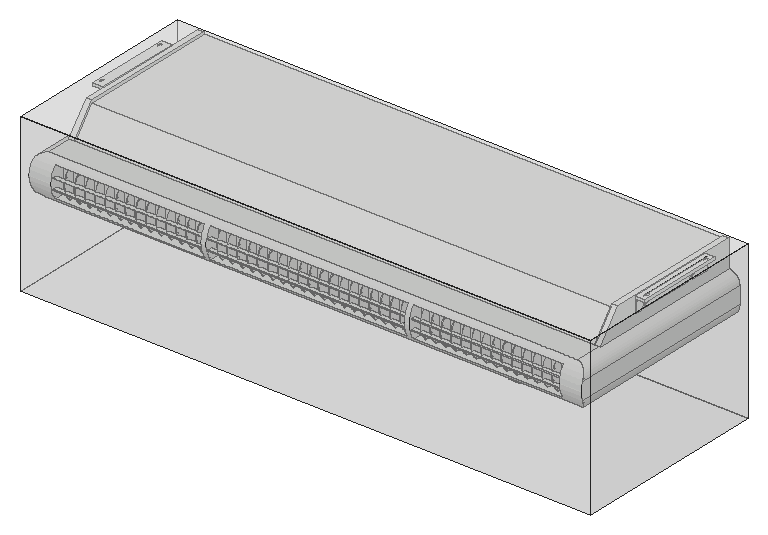
Revit family "outputfile", category 機械設備, Revit 2024
Family settings
  丸型コネクタ寸法 = 半径を使用
  パーツ タイプ = 標準
  OmniClass 番号 = 23.75.10.24.21.27.27
  OmniClass タイトル = Split System Air Conditioning Units
  作業面ベース = いいえ
  常に垂直 = はい
  ロード時にボイドで切り取り = いいえ
  注釈の向きを維持 = いいえ
  共有 = いいえ
  部屋計算ポイント = はい
Parameters (values of type "FHRN100AXVL")
  Description = ""
  製造元 = "Daikin"
  書き出し IFC クラス(タイプ) = "IfcUnitaryEquipmentType"
  定義済み IFC タイプ(タイプ) = "AIRCONDITIONINGUNIT"
  Cost = 0
  モデル = "FHRN100AXVL"
  Type Comments = ""
  Keynote = ""
  Type Image = (empty or 0)
  Assembly Code = ""
  switch_frequency = yes
  r_Liquid Pipe Size = Liquid Pipe Size / 2  # 4.75 mm
  r_Gas Pipe Size = Gas Pipe Size / 2  # 7.95 mm
  r_Drain Pipe Size = Drain Pipe Size / 2  # 9.55 mm
  l_powersupply [instance] = 30.0 mm  # constant formula
  h_mountinghole = 0.0 mm  # constant formula
  connector_voltage = 220 V
  connector_powerinput = [Power Input (Cooling)]  # 3.800 kW
  connector_phase = 1
  angle_vertical_powersupply [instance] = 90.00°  # constant formula
  angle_vertical_drainpipe [instance] = -90.00°  # constant formula
  angle_horizontal_powersupply [instance] = 180.00°  # constant formula
  angle_horizontal_drainpipe [instance] = 0.00°  # constant formula
  Voltage_comment_60Hz = "220"
  Voltage_60Hz = 220 V
  URL = ""
  Phase_60Hz = 1
  Minimum Circuit Amps_60Hz = 0.0 A
  Maximum Fuse Amps_60Hz = 0.0 A
  Material_Casing = DAIKIN_White_Casing_indoorunit
  lw_powersupply [instance] = 220.0 mm  # constant formula
  lw_mountinghole_pitch = 1880.0 mm  # constant formula
  lw_mountinghole = (Width - lw_mountinghole_pitch) / 2  # 11.5 mm
  lw_liquidpipe [instance] = 136.0 mm  # constant formula
  lw_gaspipe = 105.0 mm  # constant formula
  lw_drainpipe [instance] = 83.0 mm  # constant formula
  lh_powersupply = 195.0 mm  # constant formula
  lh_liquidpipe [instance] = 180.0 mm  # constant formula
  lh_gaspipe [instance] = 170.0 mm  # constant formula
  lh_drainpipe = 217.0 mm  # constant formula
  l_antena = h_mountinghole + 1.0 mm  # 1.0 mm
  ld_powersupply = 30.0 mm  # constant formula
  ld_mountinghole_pitch = 250.0 mm  # constant formula
  ld_mountinghole = 132.0 mm  # constant formula
  ld_liquidpipe [instance] = 221.0 mm  # constant formula
  ld_gaspipe [instance] = 214.0 mm  # constant formula
  ld_drainpipe [instance] = 268.0 mm  # constant formula
  l_liquidpipe_length [instance] = 221.0 mm  # constant formula
  l_gaspipe_length [instance] = 214.0 mm  # constant formula
  l_drainpipe_length [instance] = 268.0 mm  # constant formula
  h*** = 0.0 mm  # constant formula
  angle_vertical [instance] = -90.00°  # constant formula
  angle_horizontal [instance] = 0.00°  # constant formula
  Width = 1903.0 mm
  Version = "ver.1.0"
  Unit Type = "Ceiling"
  Unit Mass Weight = 52.00 kg
  Unit Designation [instance] = ""
  Uniclass2015Version = "Products v1.30"
  Uniclass2015Title = "Split coil room air conditioning units"
  Uniclass2015Code = "Pr_70_65_03_86"
  Total Cooling Capacity [instance] = 0.000 kW
  Sound Pressure Level_M speed (dBA) = 46
  Sound Pressure Level_L speed (dBA) = 43
  Sound Pressure Level_H speed (dBA) = 49
  Series = "SkyAir_Fan Coil Unit"
  Sensible Cooling Capacity [instance] = 0.000 kW
  Refrigerant Type = "R410A"
  Power Input (Cooling) = 3.800 kW
  Option Accessory 3 [instance] = ""
  Option Accessory 2 [instance] = ""
  Option Accessory 1 [instance] = ""
  Nominal Cooling Capacity = 10.260 kW
  Minimum Airflow = 1276.00 m³/h
  Median Airflow = 1697.00 m³/h
  Maximum Airflow = 1881.00 m³/h
  Load Classification = HVAC
  Liquid Pipe Size = 9.5 mm
  Link_Nested Family [instance] = ""
  IfcVersion = ""
  IfcExportType = "AIRCONDITIONINGUNIT"
  IfcExportAs = "IfcUnitaryEquipmentType"
  Height = 235.0 mm
  Heat Exchanger Type = "Cross Fin Coil"
  Gas Pipe Size = 15.9 mm
  Frequency_60Hz = 60 Hz
  Fan Type = "Sirocco Fan"
  Fan Drive = "-"
  FCU Tag No. [instance] = ""
  Drain Pipe Size = 19.1 mm
  Design Supply Airflow [instance] = 0.00 m³/h
  Design Outdoor Airflow [instance] = 0.00 m³/h
  Depth = 680.0 mm
  既定の高さ = 0.0 mm
  Cooling Entering Wet Bulb Temperature [instance] = 0.00 °C
  Cooling Entering Dry Bulb Temperature [instance] = 0.00 °C
  Cooling Ambient Wet Bulb Temperature [instance] = 0.00 °C
  Cooling Ambient Dry Bulb Temperature [instance] = 0.00 °C
  Clearance visibility [instance] = yes
  Clearance Top = 5.0 mm
  Clearance Right = 30.0 mm
  Clearance Rear = 0.0 mm
  Clearance Left = 30.0 mm
  Clearance Front = 0.0 mm
  Clearance Bottom = 300.0 mm
Reference planes
  plane 1 "Center (Front/Back)": y = 0
  plane 2: z = 0
  plane 3 "Center (Left/Right)": x = 0
  plane 4 "Back": y = 340
  plane 5 "Front": y = -340
  plane 6 "Left": x = -951.5
  plane 7 "Right": x = 951.5
  plane 8 "Top": z = 0
  plane 9 "Bottom": z = -235
  plane 10: y = -340
  plane 11: x = -981.5
  plane 12: x = 981.5
  plane 13: z = 5
  plane 14: z = -535
  plane 15: y = 340
  plane 16 "lw_mountinghole": x = -940
  plane 17 "lw_mountinghole2": x = 940
  plane 18 "ld_mountinghole": y = 208
  plane 19 "ld_mountinghole2": y = -42
  plane 20 "lw_gaspipe": x = 846.5
  plane 21 "ld_gaspipe": y = 126
  plane 22 "lh_gaspipe": z = -170
  plane 23 "lw_liquidpipe": x = 815.5
  plane 24 "ld_liquidpipe": y = 119
  plane 25 "lh_liquidpipe": z = -180
  plane 26 "ld_drainpipe": y = 72
  plane 27 "lw_drainpipe": x = 868.5
  plane 28 "lh_drainpipe": z = -217
  plane 29 "lw_powersupply": x = 731.5
  plane 30 "lh_powersupply": z = -195
  plane 31 "ld_powersupply": y = 310
  plane 32: x = -915
  plane 33: x = 915
  plane 34: x = -895
  plane 35: x = 895
  plane 36 "J": z = -95
Forms (mm)
  Extrusion 1, solid, material "DAIKIN_White_Casing_indoorunit" <- "Material_Casing"
    sketch origin (951.5, 0, 0) x (0, 1, 0) y (0, 0, 1)
      loop
        line (340, -95) -> (340, 0) -> (-138.5, 0) -> (-212.722, -95) -> (340, -95)
    from -56.5 to -36.5
  Extrusion 2, solid, material "DAIKIN_White_Casing_indoorunit" <- "Material_Casing"
    sketch origin (-951.5, 0, 0) x (0, 1, 0) y (0, 0, 1)
      loop
        line (-138.5, 0) -> (-212.722, -95) -> (340, -95) -> (340, 0) -> (-138.5, 0)
    from 36.5 to 56.5
  Extrusion 3, solid, material "DAIKIN_White_Casing_indoorunit" <- "Material_Casing"
    sketch origin (0, 0, 0) x (0, 1, 0) y (0, 0, 1)
      loop
        line (-143.481, -8) -> (-211.453, -95) -> (340, -95) -> (340, -8) -> (-143.481, -8)
    from -895 to 895
  Extrusion 4, solid, material "DAIKIN_White_Casing_indoorunit" <- "Material_Casing"
    sketch origin (0, 0, 0) x (1, 0, 0) y (0, 0, 1)
      loop
        arc (-911, -95) -> (-939.284, -106.716) -> (-951, -135) r 40
        line (-951, -135) -> (-951, -195)
        arc (-951, -195) -> (-939.284, -223.284) -> (-911, -235) r 40
        line (-911, -235) -> (911, -235)
        arc (911, -235) -> (939.284, -223.284) -> (951, -195) r 40
        line (951, -195) -> (951, -135)
        arc (951, -135) -> (939.284, -106.716) -> (911, -95) r 40
        line (911, -95) -> (-911, -95)
    from -340 to 340
  Extrusion 5, void
    sketch origin (0, 0, 0) x (0, 1, 0) y (0, 0, 1)
      loop
        line (-304.008, -95) -> (-350, -95) -> (-350, -235) -> (-304, -235)
        arc (-304, -235) -> (-340, -165.002) -> (-304.008, -95) r 86.061
    from -951.5 to 951.5
  Extrusion 6, void
    sketch origin (0, -340, 0) x (1, 0, 0) y (0, 0, 1)
      loop
        line (-875, -112.5) -> (-875, -217.5) -> (-359, -217.5) -> (-359, -112.5) -> (-875, -112.5)
      loop
        line (-341, -112.5) -> (-341, -217.5) -> (341, -217.5) -> (341, -112.5) -> (-341, -112.5)
      loop
        line (359, -112.5) -> (359, -217.5) -> (875, -217.5) -> (875, -112.5) -> (359, -112.5)
    from 0 to -50
  Extrusion 7, solid, material "DAIKIN_White_Casing_indoorunit" <- "Material_Casing"
    sketch origin (0, 0, 0) x (0, 1, 0) y (0, 0, 1)
      loop
        line (-335.938, -183.5) -> (-320, -183.5) -> (-320, -181.5) -> (-336.364, -181.5)
        arc (-336.364, -181.5) -> (-336.157, -182.501) -> (-335.938, -183.5) r 84.061
      loop
        arc (-335.94, -146.5) -> (-336.159, -147.499) -> (-336.365, -148.5) r 84.061
        line (-336.365, -148.5) -> (-320, -148.5) -> (-320, -146.5) -> (-335.94, -146.5)
    from -875 to 875
  Extrusion 8, solid, material "DAIKIN_White_Casing_indoorunit" <- "Material_Casing"
    sketch origin (875, -340, -112.5) x (0, 0, -1) y (0, -1, 0)
      loop
        arc (105, -38.174) -> (52.501, -15) -> (0, -38.168) r 71.061
        line (0, -38.168) -> (0, -50) -> (105, -50) -> (105, -38.174)
    from 34 to 36
  Extrusion 9, solid, material "DAIKIN_White_Casing_indoorunit" <- "Material_Casing"
    sketch origin (839, -340, -112.5) x (0, 0, -1) y (0, -1, 0)
      loop
        line (0, -38.168) -> (0, -50) -> (105, -50) -> (105, -38.174)
        arc (105, -38.174) -> (52.501, -15) -> (0, -38.168) r 71.061
    from 33 to 35
  Extrusion 10, solid, material "DAIKIN_White_Casing_indoorunit" <- "Material_Casing"
    sketch origin (804, -340, -112.5) x (0, 0, -1) y (0, -1, 0)
      loop
        line (0, -38.168) -> (0, -50) -> (105, -50) -> (105, -38.174)
        arc (105, -38.174) -> (52.501, -15) -> (0, -38.168) r 71.061
    from 33 to 35
  Extrusion 11, solid, material "DAIKIN_White_Casing_indoorunit" <- "Material_Casing"
    sketch origin (769, -340, -112.5) x (0, 0, -1) y (0, -1, 0)
      loop
        line (0, -38.168) -> (0, -50) -> (105, -50) -> (105, -38.174)
        arc (105, -38.174) -> (52.501, -15) -> (0, -38.168) r 71.061
    from 33 to 35
  Extrusion 12, solid, material "DAIKIN_White_Casing_indoorunit" <- "Material_Casing"
    sketch origin (734, -340, -112.5) x (0, 0, -1) y (0, -1, 0)
      loop
        line (0, -38.168) -> (0, -50) -> (105, -50) -> (105, -38.174)
        arc (105, -38.174) -> (52.501, -15) -> (0, -38.168) r 71.061
    from 33 to 35
  Extrusion 13, solid, material "DAIKIN_White_Casing_indoorunit" <- "Material_Casing"
    sketch origin (699, -340, -112.5) x (0, 0, -1) y (0, -1, 0)
      loop
        line (0, -38.168) -> (0, -50) -> (105, -50) -> (105, -38.174)
        arc (105, -38.174) -> (52.501, -15) -> (0, -38.168) r 71.061
    from 33 to 35
  Extrusion 14, solid, material "DAIKIN_White_Casing_indoorunit" <- "Material_Casing"
    sketch origin (664, -340, -112.5) x (0, 0, -1) y (0, -1, 0)
      loop
        line (0, -38.168) -> (0, -50) -> (105, -50) -> (105, -38.174)
        arc (105, -38.174) -> (52.501, -15) -> (0, -38.168) r 71.061
    from 33 to 35
  Extrusion 15, solid, material "DAIKIN_White_Casing_indoorunit" <- "Material_Casing"
    sketch origin (629, -340, -112.5) x (0, 0, -1) y (0, -1, 0)
      loop
        line (0, -38.168) -> (0, -50) -> (105, -50) -> (105, -38.174)
        arc (105, -38.174) -> (52.501, -15) -> (0, -38.168) r 71.061
    from 33 to 35
  Extrusion 16, solid, material "DAIKIN_White_Casing_indoorunit" <- "Material_Casing"
    sketch origin (594, -340, -112.5) x (0, 0, -1) y (0, -1, 0)
      loop
        line (0, -38.168) -> (0, -50) -> (105, -50) -> (105, -38.174)
        arc (105, -38.174) -> (52.501, -15) -> (0, -38.168) r 71.061
    from 33 to 35
  Extrusion 17, solid, material "DAIKIN_White_Casing_indoorunit" <- "Material_Casing"
    sketch origin (559, -340, -112.5) x (0, 0, -1) y (0, -1, 0)
      loop
        line (0, -38.168) -> (0, -50) -> (105, -50) -> (105, -38.174)
        arc (105, -38.174) -> (52.501, -15) -> (0, -38.168) r 71.061
    from 33 to 35
  Extrusion 18, solid, material "DAIKIN_White_Casing_indoorunit" <- "Material_Casing"
    sketch origin (524, -340, -112.5) x (0, 0, -1) y (0, -1, 0)
      loop
        line (0, -38.168) -> (0, -50) -> (105, -50) -> (105, -38.174)
        arc (105, -38.174) -> (52.501, -15) -> (0, -38.168) r 71.061
    from 33 to 35
  Extrusion 19, solid, material "DAIKIN_White_Casing_indoorunit" <- "Material_Casing"
    sketch origin (489, -340, -112.5) x (0, 0, -1) y (0, -1, 0)
      loop
        line (0, -38.168) -> (0, -50) -> (105, -50) -> (105, -38.174)
        arc (105, -38.174) -> (52.501, -15) -> (0, -38.168) r 71.061
    from 33 to 35
  Extrusion 20, solid, material "DAIKIN_White_Casing_indoorunit" <- "Material_Casing"
    sketch origin (454, -340, -112.5) x (0, 0, -1) y (0, -1, 0)
      loop
        line (0, -38.168) -> (0, -50) -> (105, -50) -> (105, -38.174)
        arc (105, -38.174) -> (52.501, -15) -> (0, -38.168) r 71.061
    from 33 to 35
  Extrusion 21, solid, material "DAIKIN_White_Casing_indoorunit" <- "Material_Casing"
    sketch origin (419, -340, -112.5) x (0, 0, -1) y (0, -1, 0)
      loop
        line (0, -38.168) -> (0, -50) -> (105, -50) -> (105, -38.174)
        arc (105, -38.174) -> (52.501, -15) -> (0, -38.168) r 71.061
    from 33 to 35
  Extrusion 22, solid, material "DAIKIN_White_Casing_indoorunit" <- "Material_Casing"
    sketch origin (384, -340, -112.5) x (0, 0, -1) y (0, -1, 0)
      loop
        line (0, -38.168) -> (0, -50) -> (105, -50) -> (105, -38.174)
        arc (105, -38.174) -> (52.501, -15) -> (0, -38.168) r 71.061
    from 33 to 35
  Extrusion 23, solid, material "DAIKIN_White_Casing_indoorunit" <- "Material_Casing"
    sketch origin (349, -340, -112.5) x (0, 0, -1) y (0, -1, 0)
      loop
        line (105, -50) -> (105, -38.174)
        arc (105, -38.174) -> (52.501, -15) -> (0, -38.168) r 71.061
        line (0, -38.168) -> (0, -50) -> (105, -50)
    from 33 to 35
  Extrusion 24, solid, material "DAIKIN_White_Casing_indoorunit" <- "Material_Casing"
    sketch origin (314, -340, -112.5) x (0, 0, -1) y (0, -1, 0)
      loop
        line (0, -38.168) -> (0, -50) -> (105, -50) -> (105, -38.174)
        arc (105, -38.174) -> (52.501, -15) -> (0, -38.168) r 71.061
    from 33 to 35
  Extrusion 25, solid, material "DAIKIN_White_Casing_indoorunit" <- "Material_Casing"
    sketch origin (279, -340, -112.5) x (0, 0, -1) y (0, -1, 0)
      loop
        line (0, -38.168) -> (0, -50) -> (105, -50) -> (105, -38.174)
        arc (105, -38.174) -> (52.501, -15) -> (0, -38.168) r 71.061
    from 33 to 35
  Extrusion 26, solid, material "DAIKIN_White_Casing_indoorunit" <- "Material_Casing"
    sketch origin (244, -340, -112.5) x (0, 0, -1) y (0, -1, 0)
      loop
        line (0, -38.168) -> (0, -50) -> (105, -50) -> (105, -38.174)
        arc (105, -38.174) -> (52.501, -15) -> (0, -38.168) r 71.061
    from 33 to 35
  Extrusion 27, solid, material "DAIKIN_White_Casing_indoorunit" <- "Material_Casing"
    sketch origin (209, -340, -112.5) x (0, 0, -1) y (0, -1, 0)
      loop
        line (0, -38.168) -> (0, -50) -> (105, -50) -> (105, -38.174)
        arc (105, -38.174) -> (52.501, -15) -> (0, -38.168) r 71.061
    from 33 to 35
  Extrusion 28, solid, material "DAIKIN_White_Casing_indoorunit" <- "Material_Casing"
    sketch origin (174, -340, -112.5) x (0, 0, -1) y (0, -1, 0)
      loop
        line (0, -38.168) -> (0, -50) -> (105, -50) -> (105, -38.174)
        arc (105, -38.174) -> (52.501, -15) -> (0, -38.168) r 71.061
    from 33 to 35
  Extrusion 29, solid, material "DAIKIN_White_Casing_indoorunit" <- "Material_Casing"
    sketch origin (139, -340, -112.5) x (0, 0, -1) y (0, -1, 0)
      loop
        line (105, -50) -> (105, -38.174)
        arc (105, -38.174) -> (52.501, -15) -> (0, -38.168) r 71.061
        line (0, -38.168) -> (0, -50) -> (105, -50)
    from 33 to 35
  Extrusion 30, solid, material "DAIKIN_White_Casing_indoorunit" <- "Material_Casing"
    sketch origin (104, -340, -112.5) x (0, 0, -1) y (0, -1, 0)
      loop
        line (0, -38.168) -> (0, -50) -> (105, -50) -> (105, -38.174)
        arc (105, -38.174) -> (52.501, -15) -> (0, -38.168) r 71.061
    from 33 to 35
  Extrusion 31, solid, material "DAIKIN_White_Casing_indoorunit" <- "Material_Casing"
    sketch origin (69, -340, -112.5) x (0, 0, -1) y (0, -1, 0)
      loop
        line (105, -50) -> (105, -38.174)
        arc (105, -38.174) -> (52.501, -15) -> (0, -38.168) r 71.061
        line (0, -38.168) -> (0, -50) -> (105, -50)
    from 33 to 35
  Extrusion 32, solid, material "DAIKIN_White_Casing_indoorunit" <- "Material_Casing"
    sketch origin (34, -340, -112.5) x (0, 0, -1) y (0, -1, 0)
      loop
        line (105, -50) -> (105, -38.174)
        arc (105, -38.174) -> (52.501, -15) -> (0, -38.168) r 71.061
        line (0, -38.168) -> (0, -50) -> (105, -50)
    from 33 to 35
  Extrusion 33, solid, material "DAIKIN_White_Casing_indoorunit" <- "Material_Casing"
    sketch origin (-1, -340, -112.5) x (0, 0, -1) y (0, -1, 0)
      loop
        line (105, -50) -> (105, -38.174)
        arc (105, -38.174) -> (52.501, -15) -> (0, -38.168) r 71.061
        line (0, -38.168) -> (0, -50) -> (105, -50)
    from 33 to 35
  Extrusion 34, solid, material "DAIKIN_White_Casing_indoorunit" <- "Material_Casing"
    sketch origin (-36, -340, -112.5) x (0, 0, -1) y (0, -1, 0)
      loop
        line (105, -50) -> (105, -38.174)
        arc (105, -38.174) -> (52.501, -15) -> (0, -38.168) r 71.061
        line (0, -38.168) -> (0, -50) -> (105, -50)
    from 33 to 35
  Extrusion 35, solid, material "DAIKIN_White_Casing_indoorunit" <- "Material_Casing"
    sketch origin (-71, -340, -112.5) x (0, 0, -1) y (0, -1, 0)
      loop
        line (0, -38.168) -> (0, -50) -> (105, -50) -> (105, -38.174)
        arc (105, -38.174) -> (52.501, -15) -> (0, -38.168) r 71.061
    from 33 to 35
  Extrusion 36, solid, material "DAIKIN_White_Casing_indoorunit" <- "Material_Casing"
    sketch origin (-106, -340, -112.5) x (0, 0, -1) y (0, -1, 0)
      loop
        line (105, -50) -> (105, -38.174)
        arc (105, -38.174) -> (52.501, -15) -> (0, -38.168) r 71.061
        line (0, -38.168) -> (0, -50) -> (105, -50)
    from 33 to 35
  Extrusion 37, solid, material "DAIKIN_White_Casing_indoorunit" <- "Material_Casing"
    sketch origin (-141, -340, -112.5) x (0, 0, -1) y (0, -1, 0)
      loop
        line (0, -38.168) -> (0, -50) -> (105, -50) -> (105, -38.174)
        arc (105, -38.174) -> (52.501, -15) -> (0, -38.168) r 71.061
    from 33 to 35
  Extrusion 38, solid, material "DAIKIN_White_Casing_indoorunit" <- "Material_Casing"
    sketch origin (-176, -340, -112.5) x (0, 0, -1) y (0, -1, 0)
      loop
        line (105, -50) -> (105, -38.174)
        arc (105, -38.174) -> (52.501, -15) -> (0, -38.168) r 71.061
        line (0, -38.168) -> (0, -50) -> (105, -50)
    from 33 to 35
  Extrusion 39, solid, material "DAIKIN_White_Casing_indoorunit" <- "Material_Casing"
    sketch origin (-211, -340, -112.5) x (0, 0, -1) y (0, -1, 0)
      loop
        line (105, -50) -> (105, -38.174)
        arc (105, -38.174) -> (52.501, -15) -> (0, -38.168) r 71.061
        line (0, -38.168) -> (0, -50) -> (105, -50)
    from 33 to 35
  Extrusion 40, solid, material "DAIKIN_White_Casing_indoorunit" <- "Material_Casing"
    sketch origin (-246, -340, -112.5) x (0, 0, -1) y (0, -1, 0)
      loop
        line (105, -50) -> (105, -38.174)
        arc (105, -38.174) -> (52.501, -15) -> (0, -38.168) r 71.061
        line (0, -38.168) -> (0, -50) -> (105, -50)
    from 33 to 35
  Extrusion 41, solid, material "DAIKIN_White_Casing_indoorunit" <- "Material_Casing"
    sketch origin (-419, -340, -217.5) x (0, 0, 1) y (0, -1, 0)
      loop
        arc (105, -38.168) -> (52.499, -15) -> (0, -38.174) r 71.061
        line (0, -38.174) -> (0, -50) -> (105, -50) -> (105, -38.168)
    from 33 to 35
  Extrusion 42, solid, material "DAIKIN_White_Casing_indoorunit" <- "Material_Casing"
    sketch origin (-454, -340, -217.5) x (0, 0, 1) y (0, -1, 0)
      loop
        line (0, -50) -> (105, -50) -> (105, -38.168)
        arc (105, -38.168) -> (52.499, -15) -> (0, -38.174) r 71.061
        line (0, -38.174) -> (0, -50)
    from 33 to 35
  Extrusion 43, solid, material "DAIKIN_White_Casing_indoorunit" <- "Material_Casing"
    sketch origin (-489, -340, -217.5) x (0, 0, 1) y (0, -1, 0)
      loop
        arc (105, -38.168) -> (52.499, -15) -> (0, -38.174) r 71.061
        line (0, -38.174) -> (0, -50) -> (105, -50) -> (105, -38.168)
    from 33 to 35
  Extrusion 44, solid, material "DAIKIN_White_Casing_indoorunit" <- "Material_Casing"
    sketch origin (-524, -340, -217.5) x (0, 0, 1) y (0, -1, 0)
      loop
        arc (105, -38.168) -> (52.499, -15) -> (0, -38.174) r 71.061
        line (0, -38.174) -> (0, -50) -> (105, -50) -> (105, -38.168)
    from 33 to 35
  Extrusion 45, solid, material "DAIKIN_White_Casing_indoorunit" <- "Material_Casing"
    sketch origin (-559, -340, -217.5) x (0, 0, 1) y (0, -1, 0)
      loop
        line (0, -50) -> (105, -50) -> (105, -38.168)
        arc (105, -38.168) -> (52.499, -15) -> (0, -38.174) r 71.061
        line (0, -38.174) -> (0, -50)
    from 33 to 35
  Extrusion 46, solid, material "DAIKIN_White_Casing_indoorunit" <- "Material_Casing"
    sketch origin (-594, -340, -217.5) x (0, 0, 1) y (0, -1, 0)
      loop
        line (0, -50) -> (105, -50) -> (105, -38.168)
        arc (105, -38.168) -> (52.499, -15) -> (0, -38.174) r 71.061
        line (0, -38.174) -> (0, -50)
    from 33 to 35
  Extrusion 47, solid, material "DAIKIN_White_Casing_indoorunit" <- "Material_Casing"
    sketch origin (-629, -340, -217.5) x (0, 0, 1) y (0, -1, 0)
      loop
        arc (105, -38.168) -> (52.499, -15) -> (0, -38.174) r 71.061
        line (0, -38.174) -> (0, -50) -> (105, -50) -> (105, -38.168)
    from 33 to 35
  Extrusion 48, solid, material "DAIKIN_White_Casing_indoorunit" <- "Material_Casing"
    sketch origin (-664, -340, -217.5) x (0, 0, 1) y (0, -1, 0)
      loop
        arc (105, -38.168) -> (52.499, -15) -> (0, -38.174) r 71.061
        line (0, -38.174) -> (0, -50) -> (105, -50) -> (105, -38.168)
    from 33 to 35
  Extrusion 49, solid, material "DAIKIN_White_Casing_indoorunit" <- "Material_Casing"
    sketch origin (-699, -340, -217.5) x (0, 0, 1) y (0, -1, 0)
      loop
        arc (105, -38.168) -> (52.499, -15) -> (0, -38.174) r 71.061
        line (0, -38.174) -> (0, -50) -> (105, -50) -> (105, -38.168)
    from 33 to 35
  Extrusion 50, solid, material "DAIKIN_White_Casing_indoorunit" <- "Material_Casing"
    sketch origin (-734, -340, -217.5) x (0, 0, 1) y (0, -1, 0)
      loop
        arc (105, -38.168) -> (52.499, -15) -> (0, -38.174) r 71.061
        line (0, -38.174) -> (0, -50) -> (105, -50) -> (105, -38.168)
    from 33 to 35
  Extrusion 51, solid, material "DAIKIN_White_Casing_indoorunit" <- "Material_Casing"
    sketch origin (-769, -340, -217.5) x (0, 0, 1) y (0, -1, 0)
      loop
        arc (105, -38.168) -> (52.499, -15) -> (0, -38.174) r 71.061
        line (0, -38.174) -> (0, -50) -> (105, -50) -> (105, -38.168)
    from 33 to 35
  Extrusion 52, solid, material "DAIKIN_White_Casing_indoorunit" <- "Material_Casing"
    sketch origin (-804, -340, -217.5) x (0, 0, 1) y (0, -1, 0)
      loop
        arc (105, -38.168) -> (52.499, -15) -> (0, -38.174) r 71.061
        line (0, -38.174) -> (0, -50) -> (105, -50) -> (105, -38.168)
    from 33 to 35
  Extrusion 53, solid, material "DAIKIN_White_Casing_indoorunit" <- "Material_Casing"
    sketch origin (-839, -340, -217.5) x (0, 0, 1) y (0, -1, 0)
      loop
        arc (105, -38.168) -> (52.499, -15) -> (0, -38.174) r 71.061
        line (0, -38.174) -> (0, -50) -> (105, -50) -> (105, -38.168)
    from 33 to 35
  Extrusion 54, solid, material "DAIKIN_White_Casing_indoorunit" <- "Material_Casing"
    sketch origin (-875, -340, -217.5) x (0, 0, 1) y (0, -1, 0)
      loop
        arc (105, -38.168) -> (52.499, -15) -> (0, -38.174) r 71.061
        line (0, -38.174) -> (0, -50) -> (105, -50) -> (105, -38.168)
    from 34 to 36
  Extrusion 55, solid, material "DAIKIN_White_Casing_indoorunit" <- "Material_Casing"
    sketch origin (-281, -340, -112.5) x (0, 0, -1) y (0, -1, 0)
      loop
        line (0, -38.168) -> (0, -50) -> (105, -50) -> (105, -38.174)
        arc (105, -38.174) -> (52.501, -15) -> (0, -38.168) r 71.061
    from 33 to 35
  Extrusion 56, void
    sketch origin (0, 0, -235) x (-1, 0, 0) y (0, -1, 0)
      loop
        line (915, -317.5) -> (915, -48) -> (355, -48) -> (355, -317.5) -> (915, -317.5)
      loop
        line (345, -317.5) -> (345, -48) -> (-345, -48) -> (-345, -317.5) -> (345, -317.5)
      loop
        line (-355, -317.5) -> (-355, -48) -> (-915, -48) -> (-915, -317.5) -> (-355, -317.5)
    from 0 to 17.5
  Extrusion 57, solid, material "DAIKIN_White_Grille_indoorunit"
    sketch origin (0, 0, -235) x (-1, 0, 0) y (0, -1, 0)
      loop
        line (915, -48) -> (355, -48) -> (355, -317.5) -> (915, -317.5) -> (915, -48)
      loop
        line (345, -48) -> (-345, -48) -> (-345, -317.5) -> (345, -317.5) -> (345, -48)
      loop
        line (-355, -48) -> (-915, -48) -> (-915, -317.5) -> (-355, -317.5) -> (-355, -48)
    from 0 to 17.5
Cuts and joins
  Extrusion 5, Extrusion 6, Extrusion 56 cuts Extrusion 4
Lines and regions (mm)
  reference lines
    curve 1: line (951.5, -327.223, -215.514) -> (951.5, -304, -235)
Dimensions and locks
  equal spacing: plane 6 "Left", plane 3 "Center (Left/Right)", plane 7 "Right"
  "Width": plane 6 "Left" to plane 7 "Right"
  "Height": plane 8 "Top" to plane 9 "Bottom"
  "Clearance Front": plane 10 to plane 5 "Front"
  "Clearance Left": plane 11 to plane 6 "Left"
  "Clearance Right": plane 7 "Right" to plane 12
  "Clearance Top": plane 13 to plane 8 "Top"
  "Clearance Bottom": plane 9 "Bottom" to plane 14
  "Clearance Rear": plane 4 "Back" to plane 15
  "ld_mountinghole": plane 18 "ld_mountinghole" to plane 4 "Back"
  "ld_mountinghole_pitch": plane 18 "ld_mountinghole" to plane 19 "ld_mountinghole2"
  "lw_mountinghole_pitch": plane 16 "lw_mountinghole" to plane 17 "lw_mountinghole2"
  "lw_mountinghole": plane 6 "Left" to plane 16 "lw_mountinghole"
  "lw_gaspipe": plane 20 "lw_gaspipe" to plane 7 "Right"
  "ld_gaspipe": plane 4 "Back" to plane 21 "ld_gaspipe"
  "lw_liquidpipe": plane 23 "lw_liquidpipe" to plane 7 "Right"
  "ld_liquidpipe": plane 4 "Back" to plane 24 "ld_liquidpipe"
  "lw_drainpipe": plane 27 "lw_drainpipe" to plane 7 "Right"
  "ld_drainpipe": plane 26 "ld_drainpipe" to plane 4 "Back"
  "lw_powersupply": plane 29 "lw_powersupply" to plane 7 "Right"
  "lh_gaspipe": plane 8 "Top" to plane 22 "lh_gaspipe"
  "lh_liquidpipe": plane 8 "Top" to plane 25 "lh_liquidpipe"
  "lh_powersupply": plane 8 "Top" to plane 30 "lh_powersupply"
  "lh_drainpipe": plane 8 "Top" to plane 28 "lh_drainpipe"
  "ld_powersupply": plane 4 "Back" to plane 31 "ld_powersupply"
  equal spacing: plane 4 "Back", plane 1 "Center (Front/Back)", plane 5 "Front"
  "Depth": plane 4 "Back" to plane 5 "Front"
  locked: Extrusion 1 sketch curve to Extrusion 1 sketch curve at 478.5
  locked: plane 6 "Left" to plane 32 at 36.5
  locked: plane 33 to plane 7 "Right" at 36.5
  locked: plane 32 to plane 34 at 20
  locked: plane 35 to plane 33 at 20
  locked: plane 8 "Top" to Extrusion 3 sketch curve at 8
  locked: Extrusion 4 sketch curve to plane 6 "Left" at 0.5
  locked: plane 7 "Right" to Extrusion 4 sketch curve at 0.5
  locked: plane 36 "J" to plane 9 "Bottom" at 140
  locked: plane 5 "Front" to Extrusion 5 sketch curve at 86.061
  locked: Extrusion 5 sketch curve to plane 9 "Bottom" at 70.003
  locked: Extrusion 5 sketch curve to plane 5 "Front" at 10
  locked: Extrusion 6 sketch curve to plane 6 "Left" at 76.5
  locked: plane 7 "Right" to Extrusion 6 sketch curve at 76.5
  locked: Extrusion 6 sketch curve to Extrusion 6 sketch curve at 516  (x2)
  Extrusion 6 sketch curve to plane 3 "Center (Left/Right)" to Extrusion 6 sketch curve = 341.0 mm locked, 341.0 mm locked
  locked: Extrusion 6 sketch curve to plane 9 "Bottom" at 17.5
  locked: plane 36 "J" to Extrusion 6 sketch curve at 17.5
  locked: plane 5 "Front" to Extrusion 7 sketch curve at 86.061
  locked: Extrusion 7 sketch curve to plane 9 "Bottom" at 70.003
  Extrusion 7 sketch curve to Extrusion 7 sketch curve to plane 9 "Bottom" = 35.0 mm locked, 51.5 mm locked
  locked: Extrusion 7 sketch curve to Extrusion 7 sketch curve at 2  (x2)
  locked: plane 5 "Front" to Extrusion 7 sketch curve at 20
  locked: plane 5 "Front" to Extrusion 8 sketch curve at 50
  locked: plane 5 "Front" to Extrusion 8 sketch curve at 86.061
  locked: Extrusion 8 sketch curve to plane 9 "Bottom" at 70.003
  locked: Extrusion 5 sketch curve to plane 4 "Back" at 644
  locked: Extrusion 5 sketch curve to plane 4 "Back" at 644.008
  locked: plane 4 "Back" to Extrusion 56 sketch curve at 292
  locked: plane 4 "Back" to Extrusion 56 sketch curve at 22.5
  locked: Extrusion 56 sketch curve to Extrusion 56 sketch curve at 560  (x2)
  Extrusion 56 sketch curve to Extrusion 56 sketch curve = 690.0 mm
  locked: Extrusion 56 sketch curve to Extrusion 56 sketch curve at 10  (x2)
  locked: curve 1 to plane 4 "Back" at 644
  locked: Extrusion 1 to Extrusion 3 sketch curve at 1
  locked: curve 1 to plane 9 "Bottom" (angle 40.00°)
  locked: Extrusion 1 sketch curve to plane 8 "Top" (angle 128.00°)
  aligned and locked: level to plane 2
  aligned and locked: plane 11 to nested 1
  aligned and locked: plane 12 to nested 1
  aligned and locked: nested 1 to plane 10
  aligned and locked: plane 13 to nested 1
  aligned and locked: plane 14 to nested 1
  aligned and locked: plane 15 to nested 1
  aligned and locked: nested 2 to plane 26 "ld_drainpipe"
  aligned and locked: plane 27 "lw_drainpipe" to nested 2
  aligned and locked: plane 20 "lw_gaspipe" to nested 3
  aligned and locked: nested 3 to plane 21 "ld_gaspipe"
  aligned and locked: plane 23 "lw_liquidpipe" to nested 4
  aligned and locked: nested 4 to plane 24 "ld_liquidpipe"
  aligned and locked: plane 25 "lh_liquidpipe" to nested 4
  aligned and locked: nested 5 to plane 31 "ld_powersupply"
  aligned and locked: plane 29 "lw_powersupply" to nested 5
  aligned and locked: nested 6 to curve 1
  aligned and locked: level to plane 8 "Top"
  aligned and locked: plane 3 "Center (Left/Right)" to nested 7
  aligned and locked: plane 8 "Top" to nested 7
  aligned and locked: nested 8 to plane 18 "ld_mountinghole"
  aligned and locked: plane 16 "lw_mountinghole" to nested 8
  aligned and locked: plane 16 "lw_mountinghole" to nested 9
  aligned and locked: nested 9 to plane 19 "ld_mountinghole2"
  aligned and locked: nested 10 to plane 18 "ld_mountinghole"
  aligned and locked: nested 11 to plane 19 "ld_mountinghole2"
  aligned and locked: plane 17 "lw_mountinghole2" to nested 11
  aligned and locked: plane 17 "lw_mountinghole2" to nested 10
  aligned and locked: plane 1 "Center (Front/Back)" to nested 7
  aligned and locked: plane 4 "Back" to Extrusion 1 sketch curve
  aligned and locked: plane 8 "Top" to Extrusion 1 sketch curve
  aligned and locked: plane 33 to Extrusion 1
  aligned and locked: Extrusion 1 to plane 35
  aligned and locked: Extrusion 1 to Extrusion 2 sketch curve
  aligned and locked: Extrusion 2 sketch curve to Extrusion 1
  aligned and locked: plane 34 to Extrusion 2
  aligned and locked: Extrusion 2 to plane 32
  aligned and locked: plane 4 "Back" to Extrusion 3 sketch curve
  aligned and locked: Extrusion 3 to plane 34
  aligned and locked: plane 35 to Extrusion 3
  aligned and locked: plane 9 "Bottom" to Extrusion 4 sketch curve
  aligned and locked: plane 5 "Front" to Extrusion 4
  aligned and locked: plane 4 "Back" to Extrusion 4
  aligned and locked: Extrusion 4 sketch curve to plane 36 "J"
  aligned and locked: Extrusion 5 sketch curve to plane 36 "J"
  aligned and locked: Extrusion 5 sketch curve to plane 9 "Bottom"
  aligned and locked: Extrusion 5 to plane 6 "Left"
  aligned and locked: plane 7 "Right" to Extrusion 5
  aligned and locked: Extrusion 6 sketch curve to Extrusion 6 sketch curve  (x4)
  aligned and locked: Extrusion 6 to plane 5 "Front"
  aligned and locked: Extrusion 7 sketch curve to Extrusion 7 sketch curve
  aligned and locked: cut or joined group of Extrusion 4, Extrusion 5, Extrusion 6, Extrusion 56 to Extrusion 7  (x2)
  aligned and locked: cut or joined group of Extrusion 4, Extrusion 5, Extrusion 6, Extrusion 56 to Extrusion 8 sketch curve  (x2)
  aligned and locked: Extrusion 9 sketch curve to Extrusion 8  (x4)
  aligned and locked: Extrusion 10 sketch curve to Extrusion 8  (x4)
  aligned and locked: Extrusion 11 sketch curve to Extrusion 8  (x4)
  aligned and locked: Extrusion 12 sketch curve to Extrusion 8  (x4)
  aligned and locked: Extrusion 13 sketch curve to Extrusion 8  (x4)
  aligned and locked: Extrusion 14 sketch curve to Extrusion 8  (x4)
  aligned and locked: Extrusion 15 sketch curve to Extrusion 8  (x4)
  aligned and locked: Extrusion 16 sketch curve to Extrusion 8  (x4)
  aligned and locked: Extrusion 17 sketch curve to Extrusion 8  (x4)
  aligned and locked: Extrusion 18 sketch curve to Extrusion 8  (x4)
  aligned and locked: Extrusion 19 sketch curve to Extrusion 8  (x4)
  aligned and locked: Extrusion 20 sketch curve to Extrusion 8  (x4)
  aligned and locked: Extrusion 21 sketch curve to Extrusion 8  (x4)
  aligned and locked: Extrusion 22 sketch curve to Extrusion 8  (x4)
  aligned and locked: Extrusion 23 sketch curve to Extrusion 8  (x4)
  aligned and locked: Extrusion 24 sketch curve to Extrusion 8  (x4)
  aligned and locked: Extrusion 25 sketch curve to Extrusion 8  (x4)
  aligned and locked: Extrusion 26 sketch curve to Extrusion 8  (x4)
  aligned and locked: Extrusion 27 sketch curve to Extrusion 8  (x4)
  aligned and locked: Extrusion 28 sketch curve to Extrusion 8  (x4)
  aligned and locked: Extrusion 29 sketch curve to Extrusion 8  (x4)
  aligned and locked: Extrusion 30 sketch curve to Extrusion 8  (x4)
  aligned and locked: Extrusion 31 sketch curve to Extrusion 8  (x4)
  aligned and locked: Extrusion 32 sketch curve to Extrusion 8  (x4)
  aligned and locked: Extrusion 33 sketch curve to Extrusion 8  (x4)
  aligned and locked: Extrusion 34 sketch curve to Extrusion 8  (x4)
  aligned and locked: Extrusion 35 sketch curve to Extrusion 8  (x4)
  aligned and locked: Extrusion 36 sketch curve to Extrusion 8  (x4)
  aligned and locked: Extrusion 37 sketch curve to Extrusion 8  (x4)
  aligned and locked: Extrusion 38 sketch curve to Extrusion 8  (x4)
  aligned and locked: Extrusion 39 sketch curve to Extrusion 8  (x4)
  aligned and locked: Extrusion 40 sketch curve to Extrusion 8  (x4)
  aligned and locked: Extrusion 41 sketch curve to Extrusion 8  (x4)
  aligned and locked: Extrusion 42 sketch curve to Extrusion 8  (x4)
  aligned and locked: Extrusion 43 sketch curve to Extrusion 8  (x4)
  aligned and locked: Extrusion 44 sketch curve to Extrusion 8  (x4)
  aligned and locked: Extrusion 45 sketch curve to Extrusion 8  (x4)
  aligned and locked: Extrusion 46 sketch curve to Extrusion 8  (x4)
  aligned and locked: Extrusion 47 sketch curve to Extrusion 8  (x4)
  aligned and locked: Extrusion 48 sketch curve to Extrusion 8  (x4)
  aligned and locked: Extrusion 49 sketch curve to Extrusion 8  (x4)
  aligned and locked: Extrusion 50 sketch curve to Extrusion 8  (x4)
  aligned and locked: Extrusion 51 sketch curve to Extrusion 8  (x4)
  aligned and locked: Extrusion 52 sketch curve to Extrusion 8  (x4)
  aligned and locked: Extrusion 53 sketch curve to Extrusion 8  (x4)
  aligned and locked: Extrusion 54 sketch curve to Extrusion 8  (x4)
  aligned and locked: Extrusion 55 sketch curve to Extrusion 8  (x4)
  aligned and locked: Extrusion 56 sketch curve to Extrusion 56 sketch curve  (x4)
  aligned and locked: Extrusion 56 sketch curve to plane 33
  aligned and locked: Extrusion 57 sketch curve to Extrusion 56  (x12)
  aligned and locked: plane 9 "Bottom" to curve 1
  aligned and locked: Extrusion 3 sketch curve to plane 36 "J"
  aligned and locked: plane 36 "J" to Extrusion 1 sketch curve
Automatic sketch dimensions
  plane 32 to Extrusion 4 sketch curve = 4.0 mm  (x2)
  Extrusion 4 sketch curve to plane 33 = 4.0 mm  (x2)
  Extrusion 7 sketch curve to Extrusion 7 sketch curve = 0.0 mm  (x2)
  Extrusion 7 sketch curve to plane 5 "Front" = 4.062 mm
  Extrusion 7 sketch curve to plane 5 "Front" = 4.06 mm
  Extrusion 8 sketch curve to Extrusion 8 sketch curve = 11.826 mm
  Extrusion 2 sketch curve to plane 36 "J" = 0.0 mm
  Extrusion 2 sketch curve to plane 19 "ld_mountinghole2" = 96.5 mm
  Extrusion 2 sketch curve to Extrusion 2 sketch curve = 74.222 mm
Nested families
  nested 1: "daikin_clearancespace" at (0, 0, -264.881), visible <- "Clearance visibility", show <- "Clearance visibility", Link_Nested Family <- "Link_Nested Family", type "daikin_clearancespace"
    with width 1963.0 mm, show yes, height 540.0 mm, depth 680.0 mm, Link_Nested Family ""
  nested 2: "daikin_connector_rotate3" at (868.5, 72, -217), radius <- "r_Drain Pipe Size", angle_vertical <- "angle_vertical_drainpipe", angle_horizontal <- "angle_horizontal_drainpipe", length <- "l_drainpipe_length", type "daikin_connector_rotate3"
    with show no, radius 9.55 mm, length 268.0 mm, angle_vertical -90.00°, angle_horizontal 0.00°
  nested 3: "daikin_connector_rotate3" at (846.5, 126, -170), radius <- "r_Gas Pipe Size", angle_vertical <- "angle_vertical", angle_horizontal <- "angle_horizontal", length <- "l_gaspipe_length", type "daikin_connector_rotate3"
    with show no, radius 7.95 mm, length 214.0 mm, angle_vertical -90.00°, angle_horizontal 0.00°
  nested 4: "daikin_connector_rotate3" at (815.5, 119, -180), radius <- "r_Liquid Pipe Size", angle_vertical <- "angle_vertical", angle_horizontal <- "angle_horizontal", length <- "l_liquidpipe_length", type "daikin_connector_rotate3"
    with show no, radius 4.75 mm, length 221.0 mm, angle_vertical -90.00°, angle_horizontal 0.00°
  nested 5: "daikin_connector_rotate3" at (731.5, 310, -195), length <- "l_powersupply", angle_vertical <- "angle_vertical_powersupply", angle_horizontal <- "angle_horizontal_powersupply", type "daikin_connector_rotate3"
    with show no, radius 10.0 mm, length 30.0 mm, angle_vertical 90.00°, angle_horizontal 180.00°
  nested 6: "daikin_logo_plane_w40" at (698.213, -311.025, -229.105) x (1, 0, 0) z (0, -0.6428, -0.766), type "daikin_logo_plane_w40"
    with show_logo yes
  nested 7: "daikin_hangerfixture_FHRN-AXVL" at (0, 0, 0), type "daikin_hangerfixture_FHRN-AXVL"
  nested 8: "daikin_mountinghole" at (-940, 208, 0), Link_Nested Family <- "Link_Nested Family", l_antenna <- "l_antena", h_mountinghole <- "h_mountinghole", type "daikin_mountinghole"
    with show yes, l_antenna 1.0 mm, h_mountinghole 0.0 mm, Link_Nested Family ""
  nested 9: "daikin_mountinghole" at (-940, -42, 0), Link_Nested Family <- "Link_Nested Family", l_antenna <- "l_antena", h_mountinghole <- "h_mountinghole", type "daikin_mountinghole"
    with show yes, l_antenna 1.0 mm, h_mountinghole 0.0 mm, Link_Nested Family ""
  nested 10: "daikin_mountinghole" at (940, 208, 0), Link_Nested Family <- "Link_Nested Family", l_antenna <- "l_antena", h_mountinghole <- "h_mountinghole", type "daikin_mountinghole"
    with show yes, l_antenna 1.0 mm, h_mountinghole 0.0 mm, Link_Nested Family ""
  nested 11: "daikin_mountinghole" at (940, -42, 0), Link_Nested Family <- "Link_Nested Family", l_antenna <- "l_antena", h_mountinghole <- "h_mountinghole", type "daikin_mountinghole"
    with show yes, l_antenna 1.0 mm, h_mountinghole 0.0 mm, Link_Nested Family ""
Connectors
  piping at (868.5, 340, -217), diameter 19.1, driven by "r_Drain Pipe Size"
    settings: on nested 2, index 1, connector inside diameter 609.6 mm, connector length 0.0 mm, flow factor 0, pipe flow 0.00 m³/h, pressure drop 0.0 Pa, fitting loss kfactor 0, connector angle 0.00°, fixture units 0, engagement length 0.0 mm, angle of deflection 0.00°, flow configuration 1, flow direction 2, fitting loss method 4, system type 16, joint type 0, gender type 0, connector reference index -1, connector utility 0, adjustable connector no, is connector primary yes, connector description "Condensate Drain Piping"
  piping at (846.5, 340, -170), diameter 15.9, driven by "r_Gas Pipe Size"
    settings: on nested 3, index 3, connector inside diameter 609.6 mm, connector length 0.0 mm, flow factor 0, pipe flow 0.00 m³/h, pressure drop 0.0 Pa, fitting loss kfactor 0, connector angle 0.00°, fixture units 0, engagement length 0.0 mm, angle of deflection 0.00°, flow configuration 1, flow direction 2, fitting loss method 0, system type 29, joint type 0, gender type 0, connector reference index -1, connector utility 0, adjustable connector no, is connector primary no, connector description "Refrigerant Gas Piping"
  piping at (815.5, 340, -180), diameter 9.5, driven by "r_Liquid Pipe Size"
    settings: on nested 4, index 4, connector inside diameter 609.6 mm, connector length 0.0 mm, flow factor 0, pipe flow 0.00 m³/h, pressure drop 0.0 Pa, fitting loss kfactor 0, connector angle 0.00°, fixture units 0, engagement length 0.0 mm, angle of deflection 0.00°, flow configuration 1, flow direction 1, fitting loss method 0, system type 29, joint type 0, gender type 0, connector reference index -1, connector utility 0, adjustable connector no, is connector primary no, connector description "Refrigerant Liquid Piping"
  electrical at (731.5, 340, -195), driven by "Load Classification", driven by "connector_powerinput", driven by "connector_voltage", driven by "connector_phase"
    settings: on nested 5, index 6, voltage 220 V, apparent load 3800 VA, apparent load phase1 0 VA, apparent load phase2 0 VA, apparent load phase3 0 VA, power factor 1, load classification "HVAC", number of poles 1, system type 30, power factor state 1, is connector primary yes, connector utility no, sub classification motor no, connector description "Power Supply"
Definition of nested family "daikin_clearancespace"
  Parameters (values of type "daikin_clearancespace")
    Description = "daikin_clearancespace"
    width [instance] = 1823.963 mm
    show [instance] = yes
    material = none
    height [instance] = 1359.762 mm
    depth [instance] = 880.0 mm
    Default Elevation = 0.0 mm
    Link_Nested Family [instance] = ""
  Reference planes
    plane 1 "Center (Front/Back)": y = 0
    plane 2 "Center (Elevation)": z = -0.119
    plane 3 "Center (Left/Right)": x = 0
    plane 4: y = 440
    plane 5: y = -440
    plane 6 "Right": x = 911.982
    plane 7 "Left": x = -911.982
    plane 8 "Top": z = 679.762
    plane 9 "Bottom": z = -680
  Forms (mm)
    Extrusion 1, solid, material <- "material", visible <- "show"
      sketch origin (0, 0, 0) x (1, 0, 0) y (0, 1, 0)
        loop
          line (-911.982, 440) -> (-911.982, -440) -> (911.982, -440) -> (911.982, 440) -> (-911.982, 440)
      from -680 to 679.762
  Lines and regions (mm)
    symbolic lines, visible <- "show"
      curve 1: line (911.982, 440, 0) -> (-911.982, 440, 0)
      curve 2: line (-911.982, 440, 0) -> (-911.982, -440, 0)
      curve 3: line (-911.982, -440, 0) -> (911.982, -440, 0)
      curve 4: line (911.982, -440, 0) -> (911.982, 440, 0)
      curve 5: line (911.982, 0, 679.762) -> (-911.982, 0, 679.762)
      curve 6: line (911.982, 0, -680) -> (911.982, 0, 679.762)
      curve 7: line (-911.982, 0, -680) -> (911.982, 0, -680)
      curve 8: line (-911.982, 0, 679.762) -> (-911.982, 0, -680)
      curve 9: line (0, 440, 679.762) -> (0, -440, 679.762)
      curve 10: line (0, -440, 679.762) -> (0, -440, -680)
      curve 11: line (0, 440, -680) -> (0, 440, 679.762)
      curve 12: line (0, -440, -680) -> (0, 440, -680)
  Dimensions and locks
    "width": plane 7 "Left" to plane 6 "Right"
    "depth": plane 4 to plane 5
    "height": plane 8 "Top" to plane 9 "Bottom"
    equal spacing: plane 7 "Left", plane 3 "Center (Left/Right)", plane 6 "Right"
    equal spacing: plane 4, plane 1 "Center (Front/Back)", plane 5
    equal spacing: plane 8 "Top", plane 2 "Center (Elevation)", plane 9 "Bottom"
    aligned and locked: level to plane 2 "Center (Elevation)"
    aligned and locked: Extrusion 1 sketch curve to plane 4
    aligned and locked: plane 7 "Left" to Extrusion 1 sketch curve
    aligned and locked: Extrusion 1 sketch curve to plane 5
    aligned and locked: Extrusion 1 sketch curve to plane 6 "Right"
    aligned and locked: plane 8 "Top" to Extrusion 1
    aligned and locked: curve 1 to Extrusion 1
    aligned and locked: curve 2 to Extrusion 1
    aligned and locked: curve 3 to Extrusion 1
    aligned and locked: curve 4 to Extrusion 1
    aligned and locked: curve 5 to Extrusion 1
    aligned and locked: curve 6 to Extrusion 1
    aligned and locked: curve 7 to Extrusion 1
    aligned and locked: curve 8 to Extrusion 1
    aligned and locked: curve 9 to Extrusion 1
    aligned and locked: curve 10 to Extrusion 1
    aligned and locked: curve 11 to Extrusion 1
    aligned and locked: curve 12 to Extrusion 1
    aligned and locked: Extrusion 1 to plane 9 "Bottom"
Definition of nested family "daikin_logo_plane_w40"
  Parameters (values of type "daikin_logo_plane_w40")
    width = 40.0 mm
    show_logo [instance] = yes
    material = none
    height = 0.0 mm
    depth = 0.0 mm
    Default Elevation = 1219.2 mm
  Reference planes
    plane 1 "Center (Front/Back)": y = 0
    plane 2: z = 0
    plane 3 "Center (Left/Right)": x = 0
    plane 4: z = 2
    plane 5 "left": x = -19
    plane 6: x = 19
  Forms (mm)
    Extrusion 1, solid, visible <- "show_logo"
      sketch origin (-19, 0, 0) x (1, 0, 0) y (0, 1, 0)
        loop
          line (8.902, -1.878) -> (7.789, -6.332) -> (11.13, -6.332)
          arc (11.13, -6.332) -> (12.454, -6.064) -> (13.472, -5.176) r 2.642
          arc (13.472, -5.176) -> (13.92, -4.02) -> (13.767, -2.79) r 2.537
          arc (13.767, -2.79) -> (13.452, -2.342) -> (12.982, -2.06) r 1.321
          arc (12.982, -2.06) -> (12.063, -1.902) -> (11.13, -1.878) r 6.479
          line (11.13, -1.878) -> (8.902, -1.878)
        loop
          line (10.016, -5.441) -> (10.907, -5.441)
          arc (10.907, -5.441) -> (11.591, -4.983) -> (11.988, -4.261) r 1.742
          spline (11.988, -4.261) -> (12.01, -4.155) -> (12.027, -4.03) -> (12.037, -3.893) -> (12.037, -3.747) -> (12.026, -3.598) -> (12.002, -3.451) -> (11.962, -3.31) -> (11.905, -3.181) -> (11.829, -3.069) -> (11.731, -2.978) -> (11.61, -2.913) -> (11.464, -2.88)
          line (11.464, -2.88) -> (10.573, -2.88) -> (10.016, -5.441)
        loop
          line (13.58, -6.332) -> (14.805, -6.332) -> (15.223, -5.553) -> (16.977, -5.553) -> (17.144, -6.332) -> (19.149, -6.332) -> (18.258, -1.878) -> (16.03, -1.878) -> (13.58, -6.332)
        loop
          line (16.476, -3.214) -> (15.76, -4.551) -> (16.762, -4.551) -> (16.476, -3.214)
        loop
          line (19.705, -6.332) -> (21.599, -6.332) -> (22.712, -1.878) -> (20.819, -1.878) -> (19.705, -6.332)
        loop
          line (22.712, -6.332) -> (24.606, -6.332) -> (24.908, -5.122) -> (25.831, -6.332) -> (28.17, -6.332) -> (26.388, -3.994) -> (28.949, -1.878) -> (26.945, -1.878) -> (25.401, -3.153) -> (25.719, -1.878) -> (23.826, -1.878) -> (22.712, -6.332)
        loop
          line (29.84, -1.878) -> (28.615, -6.332) -> (30.62, -6.332) -> (31.734, -1.878) -> (29.84, -1.878)
        loop
          line (31.734, -6.332) -> (33.07, -6.332) -> (33.7, -3.814) -> (34.518, -6.332) -> (36.745, -6.332) -> (37.859, -1.878) -> (36.523, -1.878) -> (35.845, -4.589) -> (34.963, -1.878) -> (32.847, -1.878) -> (31.734, -6.332)
      from 0 to 2
    Extrusion 2, solid, visible <- "show_logo"
      sketch origin (-19, 0, 0) x (1, 0, 0) y (0, 1, 0)
        loop
          line (8.7, 0) -> (4.235, 0) -> (0, -3.879) -> (0, -8) -> (8.7, 0)
      from 0 to 2
    Extrusion 3, solid, visible <- "show_logo"
      sketch origin (-19, 0, 0) x (1, 0, 0) y (0, 1, 0)
        loop
          line (0, 0) -> (0, -3.879) -> (4.235, 0) -> (0, 0)
      from 0 to 2
  Dimensions and locks
    plane 4 to plane 2 = 2.0 mm
    equal spacing: plane 5 "left", plane 3 "Center (Left/Right)", plane 6
    locked: plane 5 "left" to plane 6 at 38
    aligned and locked: level to plane 2
    aligned and locked: Extrusion 3 to plane 1 "Center (Front/Back)"  (x2)
    aligned and locked: Extrusion 2 to plane 1 "Center (Front/Back)"  (x2)
    aligned and locked: plane 4 to Extrusion 1
    aligned and locked: plane 4 to Extrusion 3
    aligned and locked: plane 4 to Extrusion 2
    aligned and locked: Extrusion 3 to plane 5 "left"
    aligned and locked: Extrusion 2 to plane 5 "left"
  Automatic sketch dimensions
    Extrusion 1 sketch curve to Extrusion 1 sketch curve = 0.901 mm
    Extrusion 1 sketch curve to Extrusion 1 sketch curve = 1.559 mm
    Extrusion 1 sketch curve to Extrusion 1 sketch curve = 1.327 mm
    Extrusion 1 sketch curve to Extrusion 1 sketch curve = 2.145 mm
    Extrusion 1 sketch curve to Extrusion 1 sketch curve = 1.448 mm
    Extrusion 1 sketch curve to Extrusion 1 sketch curve = 2.116 mm
    Extrusion 1 sketch curve to Extrusion 1 sketch curve = 1.114 mm  (x4)
    Extrusion 1 sketch curve to Extrusion 1 sketch curve = 1.336 mm  (x2)
    plane 1 "Center (Front/Back)" to Extrusion 1 sketch curve = 1.878 mm  (x5)
    Extrusion 1 sketch curve to Extrusion 1 sketch curve = 1.893 mm  (x5)
    Extrusion 1 sketch curve to Extrusion 1 sketch curve = 0.891 mm  (x4)
    Extrusion 1 sketch curve to Extrusion 1 sketch curve = 2.005 mm  (x3)
    Extrusion 1 sketch curve to Extrusion 1 sketch curve = 0.445 mm  (x2)
    plane 1 "Center (Front/Back)" to Extrusion 1 sketch curve = 3.994 mm
    Extrusion 1 sketch curve to Extrusion 1 sketch curve = 0.557 mm  (x2)
    Extrusion 1 sketch curve to Extrusion 1 sketch curve = 2.339 mm  (x2)
    Extrusion 1 sketch curve to Extrusion 1 sketch curve = 1.225 mm  (x3)
    plane 1 "Center (Front/Back)" to Extrusion 1 sketch curve = 3.153 mm
    Extrusion 1 sketch curve to Extrusion 1 sketch curve = 0.987 mm
    plane 1 "Center (Front/Back)" to Extrusion 1 sketch curve = 5.122 mm
    Extrusion 1 sketch curve to Extrusion 1 sketch curve = 0.922 mm
    plane 1 "Center (Front/Back)" to Extrusion 1 sketch curve = 6.332 mm
    Extrusion 1 sketch curve to Extrusion 1 sketch curve = 2.562 mm
    plane 1 "Center (Front/Back)" to Extrusion 1 sketch curve = 5.553 mm
    Extrusion 1 sketch curve to Extrusion 1 sketch curve = 0.167 mm
    Extrusion 1 sketch curve to Extrusion 1 sketch curve = 0.215 mm
    plane 1 "Center (Front/Back)" to Extrusion 1 sketch curve = 3.214 mm
    Extrusion 1 sketch curve to Extrusion 1 sketch curve = 0.286 mm
    plane 1 "Center (Front/Back)" to Extrusion 1 sketch curve = 4.551 mm
    Extrusion 1 sketch curve to Extrusion 1 sketch curve = 1.002 mm
    Extrusion 1 sketch curve to Extrusion 1 sketch curve = 0.537 mm
    Extrusion 1 sketch curve to Extrusion 1 sketch curve = 0.418 mm
    Extrusion 1 sketch curve to Extrusion 1 sketch curve = 1.028 mm
    plane 1 "Center (Front/Back)" to Extrusion 1 sketch curve = 4.261 mm
    Extrusion 1 sketch curve to Extrusion 1 sketch curve = 0.563 mm
    plane 1 "Center (Front/Back)" to Extrusion 1 sketch curve = 2.88 mm
    Extrusion 1 sketch curve to Extrusion 1 sketch curve = 1.088 mm
    Extrusion 1 sketch curve to Extrusion 1 sketch curve = 2.152 mm
    Extrusion 1 sketch curve to Extrusion 1 sketch curve = 0.586 mm
    Extrusion 1 sketch curve to Extrusion 1 sketch curve = 0.118 mm
    Extrusion 1 sketch curve to Extrusion 1 sketch curve = 0.298 mm
    Extrusion 1 sketch curve to Extrusion 1 sketch curve = 0.334 mm
    Extrusion 1 sketch curve to Extrusion 1 sketch curve = 0.223 mm
    Extrusion 1 sketch curve to Extrusion 1 sketch curve = 0.266 mm
    Extrusion 1 sketch curve to Extrusion 1 sketch curve = 1.671 mm
    Extrusion 1 sketch curve to Extrusion 1 sketch curve = 2.227 mm
    Extrusion 1 sketch curve to Extrusion 1 sketch curve = 0.0 mm  (x7)
    Extrusion 1 sketch curve to Extrusion 1 sketch curve = 3.453 mm
    Extrusion 1 sketch curve to Extrusion 1 sketch curve = 2.017 mm
    Extrusion 1 sketch curve to Extrusion 1 sketch curve = 0.78 mm  (x2)
    Extrusion 1 sketch curve to Extrusion 1 sketch curve = 1.743 mm
    Extrusion 1 sketch curve to Extrusion 1 sketch curve = 0.775 mm
    Extrusion 1 sketch curve to Extrusion 1 sketch curve = 0.552 mm
    Extrusion 1 sketch curve to Extrusion 1 sketch curve = 0.014 mm
    Extrusion 1 sketch curve to Extrusion 1 sketch curve = 0.952 mm
    Extrusion 1 sketch curve to Extrusion 1 sketch curve = 1.215 mm
    Extrusion 1 sketch curve to Extrusion 1 sketch curve = 0.108 mm
    plane 1 "Center (Front/Back)" to Extrusion 2 sketch curve = 0.0 mm
    Extrusion 2 sketch curve to plane 3 "Center (Left/Right)" = 19.0 mm
    Extrusion 2 sketch curve to plane 3 "Center (Left/Right)" = 14.765 mm
    Extrusion 2 sketch curve to Extrusion 2 sketch curve = 4.465 mm
    plane 1 "Center (Front/Back)" to Extrusion 2 sketch curve = 3.879 mm
    Extrusion 2 sketch curve to Extrusion 2 sketch curve = 4.12 mm
    plane 1 "Center (Front/Back)" to Extrusion 3 sketch curve = 0.0 mm
    Extrusion 3 sketch curve to plane 3 "Center (Left/Right)" = 19.0 mm
    Extrusion 3 sketch curve to plane 3 "Center (Left/Right)" = 14.765 mm
    plane 1 "Center (Front/Back)" to Extrusion 3 sketch curve = 3.879 mm
    Extrusion 1 sketch curve to plane 3 "Center (Left/Right)" = 11.211 mm
    Extrusion 1 sketch curve to Extrusion 1 sketch curve = 1.782 mm
Definition of nested family "daikin_hangerfixture_FHRN-AXVL"
  Parameters (values of type "daikin_hangerfixture_FHRN-AXL9")
    material = none
    Default Elevation = 0.0 mm
    F = 680.0 mm
  Reference planes
    plane 1 "Center (Front/Back)": y = 0
    plane 2: z = 0
    plane 3 "Center (Left/Right)": x = 0
    plane 4: y = 233
    plane 5: y = -67
    plane 6: y = 340
    plane 7: y = -340
    plane 8: x = -940
    plane 9: x = 940
    plane 10: x = 940
  Forms (mm)
    Extrusion 1, solid, material <- "material"
      sketch origin (0, 0, 0) x (1, 0, 0) y (0, 0, 1)
        loop
          line (-951.5, 0) -> (-951.5, -8) -> (-930.284, -7.137)
          arc (-930.284, -7.137) -> (-925.152, -9.082) -> (-923, -14.131) r 7
          line (-923, -14.131) -> (-923, -51) -> (-915, -51) -> (-915, 0) -> (-951.5, 0)
        loop
          line (951.5, 0) -> (915, 0) -> (915, -51) -> (923, -51) -> (923, -14.131)
          arc (923, -14.131) -> (925.152, -9.082) -> (930.284, -7.137) r 7
          line (930.284, -7.137) -> (951.5, -8) -> (951.5, 0)
      from -233 to 67
    Extrusion 2, void
      sketch origin (0, 0, 0) x (0, 1, 0) y (0, 0, 1)
        loop
          line (-26, -39) -> (-17, -39)
          arc (-17, -39) -> (-12, -34) -> (-17, -29) r 5
          line (-17, -29) -> (-35.161, -29) -> (-50, -51) -> (-26, -51) -> (-26, -39)
        loop
          line (175, -39) -> (184, -39)
          arc (184, -39) -> (189, -34) -> (184, -29) r 5
          line (184, -29) -> (165.839, -29) -> (151, -51) -> (175, -51) -> (175, -39)
      from -951.5 to 951.5
    Extrusion 3, void
      sketch origin (0, 0, 0) x (1, 0, 0) y (0, 1, 0)
        loop
          arc (-935, 209) -> (-940, 214) -> (-945, 209) r 5
          line (-945, 209) -> (-945, 207)
          arc (-945, 207) -> (-940, 202) -> (-935, 207) r 5
          line (-935, 207) -> (-935, 209)
        loop
          arc (-935, -41) -> (-940, -36) -> (-945, -41) r 5
          line (-945, -41) -> (-945, -43)
          arc (-945, -43) -> (-940, -48) -> (-935, -43) r 5
          line (-935, -43) -> (-935, -41)
        loop
          line (935, 209) -> (935, 207)
          arc (935, 207) -> (940, 202) -> (945, 207) r 5
          line (945, 207) -> (945, 209)
          arc (945, 209) -> (940, 214) -> (935, 209) r 5
        loop
          line (935, -41) -> (935, -43)
          arc (935, -43) -> (940, -48) -> (945, -43) r 5
          line (945, -43) -> (945, -41)
          arc (945, -41) -> (940, -36) -> (935, -41) r 5
      from 0 to -20
  Cuts and joins
    Extrusion 2, Extrusion 3 cuts Extrusion 1
  Dimensions and locks
    locked: Extrusion 1 sketch curve to Extrusion 1 sketch curve at 36.5  (x2)
    locked: Extrusion 1 sketch curve to Extrusion 1 sketch curve at 51  (x2)
    locked: plane 5 to plane 1 "Center (Front/Back)" at 67
    locked: plane 4 to plane 5 at 300
    locked: Extrusion 1 sketch curve to Extrusion 1 sketch curve at 1903
    equal spacing: Extrusion 1 sketch curve, plane 3 "Center (Left/Right)", Extrusion 1 sketch curve
    locked: Extrusion 1 sketch curve to Extrusion 1 sketch curve at 8  (x2)
    locked: plane 2 to Extrusion 2 sketch curve at 34  (x2)
    locked: plane 1 "Center (Front/Back)" to Extrusion 2 sketch curve at 184
    locked: Extrusion 2 sketch curve to Extrusion 2 sketch curve at 201  (x2)
    locked: plane 1 "Center (Front/Back)" to Extrusion 2 sketch curve at 175
    equal spacing: plane 6, plane 1 "Center (Front/Back)", plane 7
    "F": plane 6 to plane 7
    plane 8 to plane 3 "Center (Left/Right)" to plane 9 = 940.0 mm locked, 940.0 mm locked
    locked: plane 4 to Extrusion 3 sketch curve at 24  (x2)
    locked: plane 4 to Extrusion 3 sketch curve at 26  (x2)
    Extrusion 3 sketch curve to plane 8 to Extrusion 3 sketch curve = 5.0 mm locked, 5.0 mm locked  (x2)
    locked: Extrusion 3 sketch curve to plane 5 at 24  (x2)
    locked: Extrusion 3 sketch curve to plane 5 at 26  (x2)
    Extrusion 3 sketch curve to plane 10 to Extrusion 3 sketch curve = 5.0 mm locked, 5.0 mm locked  (x2)
    aligned and locked: level to plane 2
    aligned and locked: Extrusion 1 to plane 4
    aligned and locked: Extrusion 1 to plane 5
    aligned and locked: Extrusion 1 to Extrusion 2 sketch curve
    aligned and locked: Extrusion 2 sketch curve to Extrusion 2 sketch curve  (x2)
    aligned and locked: Extrusion 1 to Extrusion 2  (x2)
    aligned and locked: plane 8 to Extrusion 3 sketch curve  (x2)
    aligned and locked: Extrusion 3 sketch curve to plane 10  (x2)
  Automatic sketch dimensions
    Extrusion 1 sketch curve to level = 0.0 mm  (x2)
    Extrusion 1 sketch curve to level = 7.137 mm  (x2)
    Extrusion 1 sketch curve to Extrusion 1 sketch curve = 7.284 mm
    Extrusion 1 sketch curve to Extrusion 1 sketch curve = 7.0 mm  (x2)
    Extrusion 1 sketch curve to Extrusion 1 sketch curve = 0.284 mm
    Extrusion 2 sketch curve to Extrusion 2 sketch curve = 9.161 mm  (x2)
    plane 5 to Extrusion 2 sketch curve = 17.0 mm
    Extrusion 2 sketch curve to Extrusion 2 sketch curve = 24.0 mm
    Extrusion 2 sketch curve to Extrusion 2 sketch curve = 5.0 mm
